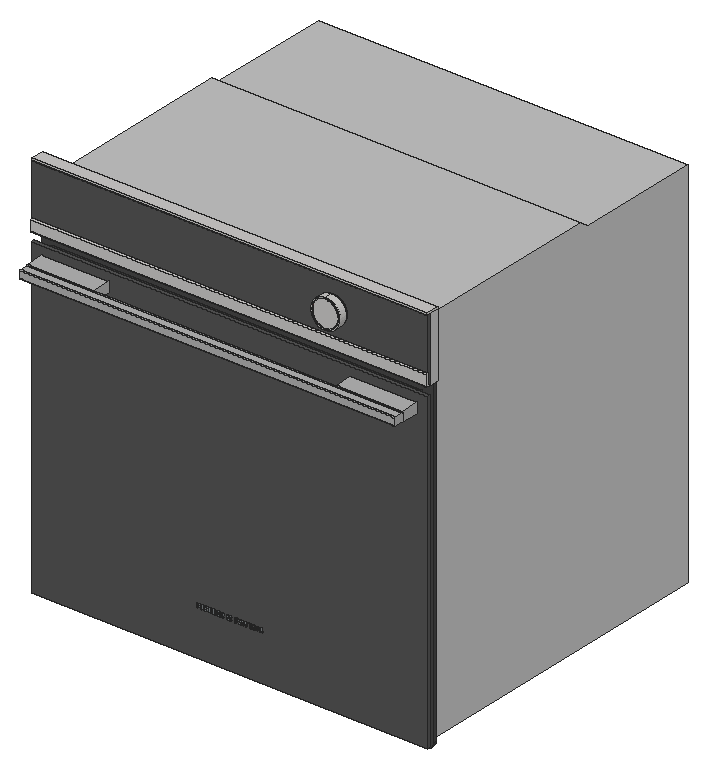
Revit family "FP-Revit18-OB24SD16PLX1-Oven-0-CA-US-90002658A", category Specialty Equipment, Revit 2018
Family settings
  Round Connector Dimension = Use Diameter
  Part Type = Normal
  OmniClass Number = 23.40.40.14.17.11
  OmniClass Title = Cookers, Ovens, Stoves
  Work Plane-Based = No
  Always vertical = Yes
  Cut with Voids When Loaded = Yes
  Shared = No
  Room Calculation Point = No
Parameters (values of type "OB24SD16PLX1")
  Visibility - Clearance Required = yes
  URL = "www.fisherpaykel.com"
  Product - Width = 596 mm  # constant formula
  Product - Height = 598 mm  # constant formula
  Product - Depth = 565 mm  # constant formula
  Model = "OB24SD16PLX1"
  Material - Trim = Fisher & Paykel - Stainless Steel
  Material - Structure = Fisher & Paykel - Black
  Material - Logo = Fisher & Paykel - Graphics Grey
  Material - Handle = Fisher & Paykel - Aluminium
  Material - Glass = Fisher & Paykel - Glass, Black
  Material - Buttons and Dials = Fisher & Paykel - Stainless Steel
  Material - Body = Fisher & Paykel - Grey
  Material - Bezel = Fisher & Paykel - Bezel Red
  Manufacturer = "Fisher & Paykel Appliances"
  FFL Offset [instance] = 200 mm
  Description = "24\" Built-In Oven"
  Connector Note - Electrical = "208-240 V, 16.6-19.4 A, 60 Hz"
  Chassis - Width = 556 mm  # constant formula
  Chassis - Height = 575 mm  # constant formula
  Chassis - Depth = 545 mm  # constant formula
  Cavity - Width = 560 mm  # constant formula
  Cavity - Height = 580 mm  # constant formula
  Cavity - Depth = 550 mm  # constant formula
Reference planes
  plane 1 "Datum": y = 0
  plane 2: z = 0
  plane 3 "Center (Left/Right)": x = 0
  plane 4 "Cavity": z = 780
  plane 5 "Product Height": z = 798
  plane 6 "Product LHS": x = -298
  plane 7 "Product RHS": x = 298
  plane 8 "Cavity LHS": x = -300
  plane 9 "Cavity RHS": x = 300
  plane 10 "Cavity - Depth": y = 550
  plane 11 "Product Depth": y = 545
  plane 12 "Front Face": y = -20
  plane 13 "FFL Offset": z = 200
  plane 14 "Cavity Height": z = 800
Forms (mm)
  Extrusion 1, solid, material "Fisher & Paykel - Grey" <- "Material - Body"
    sketch origin (0, 0, 0) x (0, 1, 0) y (0, 0, 1)
      loop
        line (0, 200) -> (525, 200) -> (525, 393.99) -> (545, 413.99) -> (545, 609.73) -> (495, 659.73) -> (495, 764.6) -> (307.721, 764.6) -> (293.958, 775) -> (0, 775) -> (0, 200)
    from -278 to 278
  Extrusion 2, void
    sketch origin (0, 0, 0) x (1, 0, 0) y (0, 1, 0)
      loop
        line (-278, 495) -> (-229.13, 495) -> (-179.13, 545) -> (-278, 545) -> (-278, 495)
      loop
        line (278, 495) -> (278, 545) -> (94.617, 545) -> (114.617, 525) -> (199.13, 525) -> (229.13, 495) -> (278, 495)
    from 200 to 764.6
  Extrusion 3, solid, material "Fisher & Paykel - Stainless Steel" <- "Material - Trim"
    sketch origin (0, 0, 0) x (0, 1, 0) y (0, 0, 1)
      loop
        line (0, 798) -> (-20.5, 798) -> (-20.5, 795.1) -> (0, 795.1) -> (0, 798)
    from -297.7 to 297.7
  Extrusion 4, solid, material "Fisher & Paykel - Grey" <- "Material - Body"
    sketch origin (0, 0, 0) x (0, 1, 0) y (0, 0, 1)
      loop
        line (-16, 795.1) -> (-16, 698) -> (0, 698) -> (0, 795.1) -> (-16, 795.1)
    from -297.7 to 297.7
  Extrusion 5, solid, material "Fisher & Paykel - Glass, Black" <- "Material - Glass"
    sketch origin (0, 0, 0) x (1, 0, 0) y (0, 0, 1)
      loop
        line (-298, 685.199) -> (-298, 210.2) -> (298, 210.2) -> (298, 685.199) -> (-298, 685.199)
      loop
        line (-298, 699.5) -> (298, 699.5) -> (298, 794.5) -> (-298, 794.5) -> (-298, 699.5)
    from 16 to 20
  Extrusion 6, solid, material "Fisher & Paykel - Black" <- "Material - Structure"
    sketch origin (0, 0, 0) x (0, 1, 0) y (0, 0, 1)
      loop
        line (-13.8, 683.7) -> (-16, 683.7) -> (-16, 224.7) -> (-5, 224.7) -> (-5, 680.497) -> (-13.8, 683.7)
    from -277 to 277
  Extrusion 7, solid, material "Fisher & Paykel - Black" <- "Material - Structure"
    sketch origin (0, 0, 0) x (1, 0, 0) y (0, 0, 1)
      loop
        line (-295, 698) -> (-295, 209.536)
        arc (-295, 209.536) -> (-292.207, 202.793) -> (-285.464, 200) r 9.536
        line (-285.464, 200) -> (285.5, 200)
        arc (285.5, 200) -> (292.218, 202.782) -> (295, 209.5) r 9.5
        line (295, 209.5) -> (295, 698) -> (-295, 698)
    from 0 to 5
  Extrusion 8, solid, material "Fisher & Paykel - Clearance Required", visible <- "Visibility - Clearance Required", detail levels coarse
    sketch origin (0, 0, 0) x (0, 1, 0) y (0, 0, 1)
      loop
        line (0, 800) -> (-20, 800) -> (-20, 685.452)
        arc (-20, 685.452) -> (-338.426, 558.091) -> (-479.879, 245.669) r 459.33
        line (-479.879, 245.669) -> (-453.852, 243.749) -> (-456.942, 201.858) -> (-440.966, 200.68) -> (-437.876, 242.565) -> (-20, 211.735) -> (-20, 200) -> (0, 200) -> (0, 800)
    from -300 to 300
  Extrusion 9, solid, material "Fisher & Paykel - Clearance Required", visible <- "Visibility - Clearance Required", detail levels coarse
    sketch origin (0, 0, 0) x (1, 0, 0) y (0, 1, 0)
      loop
        line (-280, 0) -> (280, 0) -> (280, 550) -> (-280, 550) -> (-280, 0)
    from 200 to 780
  Extrusion 10, void
    sketch origin (0, 0, 0) x (1, 0, 0) y (0, 1, 0)
      loop
        line (-300, -20) -> (300, -20) -> (300, 0) -> (-300, 0) -> (-300, -20)
    from 200 to 800
  Extrusion 11, solid, material "Fisher & Paykel - Stainless Steel" <- "Material - Trim", detail levels fine
    sketch origin (0, 0, 0) x (0, 1, 0) y (0, 0, 1)
      loop
        line (-21.7, 715.595) -> (-21.7, 699.2)
        arc (-21.7, 699.2) -> (-21.349, 698.351) -> (-20.5, 698) r 1.2
        line (-20.5, 698) -> (-17.526, 698) -> (-17.526, 699.5) -> (-20, 699.5) -> (-20, 717.643) -> (-20.789, 717.643) -> (-21.7, 715.595)
    from -298 to 298
  Extrusion 12, void
    sketch origin (0, 0, 0) x (1, 0, 0) y (0, 1, 0)
      loop
        line (-280, 550) -> (-280, 0) -> (280, 0) -> (280, 550) -> (-280, 550)
    from 200 to 780
  Extrusion 13, solid, material "Fisher & Paykel - Aluminium" <- "Material - Handle", detail levels fine
    sketch origin (0, -21, 664.221) x (0, 1, 0) y (0, 0, 1)
      loop
        arc (-26.813, 6.16) -> (-27.196, 6.554) -> (-27.728, 6.686) r 1
        line (-27.728, 6.686) -> (-40.035, 6.256)
        arc (-40.035, 6.256) -> (-40.719, 5.951) -> (-41, 5.257) r 1
        line (-41, 5.257) -> (-41, -5.257)
        arc (-41, -5.257) -> (-40.719, -5.951) -> (-40.035, -6.256) r 1
        line (-40.035, -6.256) -> (-27.709, -6.686)
        arc (-27.709, -6.686) -> (-27.175, -6.554) -> (-26.792, -6.158) r 1
        arc (-26.792, -6.158) -> (-25.256, 0.004) -> (-26.813, 6.16) r 13.038
    from -282.5 to 282.5
  Extrusion 14, solid, material "Fisher & Paykel - Aluminium" <- "Material - Handle", detail levels fine
    sketch origin (0, -21, 664.221) x (0, 1, 0) y (0, 0, 1)
      loop
        arc (-26.626, -6.008) -> (-26.614, -6.49) -> (-26.2, -6.737) r 0.5
        line (-26.2, -6.737) -> (1, -7.732) -> (1, 7.741) -> (-26.174, 6.747)
        arc (-26.174, 6.747) -> (-26.587, 6.5) -> (-26.6, 6.019) r 0.5
        arc (-26.6, 6.019) -> (-25.156, 0.002) -> (-26.626, -6.008) r 13.136
    from 182.5 to 282.5
  Extrusion 15, solid, material "Fisher & Paykel - Aluminium" <- "Material - Handle", detail levels coarse+medium
    sketch origin (0, -21, 664.221) x (1, 0, 0) y (0, 1, 0)
      loop
        line (-282.5, -41) -> (282.5, -41) -> (282.5, 1) -> (182.5, 1) -> (182.5, -26.156) -> (-182.5, -26.156) -> (-182.5, 1) -> (-282.5, 1) -> (-282.5, -41)
    from -8.022 to 7.978
  Extrusion 16, solid, material "Fisher & Paykel - Aluminium" <- "Material - Handle", detail levels fine
    sketch origin (0, -21, 664.221) x (0, 1, 0) y (0, 0, 1)
      loop
        arc (-26.626, -6.008) -> (-26.614, -6.49) -> (-26.2, -6.737) r 0.5
        line (-26.2, -6.737) -> (1, -7.732) -> (1, 7.741) -> (-26.174, 6.747)
        arc (-26.174, 6.747) -> (-26.587, 6.5) -> (-26.6, 6.019) r 0.5
        arc (-26.6, 6.019) -> (-25.156, 0.002) -> (-26.626, -6.008) r 13.136
    from -282.5 to -182.5
  Extrusion 17, solid, material "Fisher & Paykel - Aluminium" <- "Material - Handle", not visible, detail levels fine
    sketch origin (0, -22, 652) x (0, 1, 0) y (0, 0, 1)
      loop
        arc (-26.813, 6.16) -> (-27.196, 6.554) -> (-27.728, 6.686) r 1
        line (-27.728, 6.686) -> (-40.035, 6.256)
        arc (-40.035, 6.256) -> (-40.719, 5.951) -> (-41, 5.257) r 1
        line (-41, 5.257) -> (-41, -5.257)
        arc (-41, -5.257) -> (-40.719, -5.951) -> (-40.035, -6.256) r 1
        line (-40.035, -6.256) -> (-27.709, -6.686)
        arc (-27.709, -6.686) -> (-27.175, -6.554) -> (-26.792, -6.158) r 1
        arc (-26.792, -6.158) -> (-25.256, 0.004) -> (-26.813, 6.16) r 13.038
    from -282.5 to 282.5
  Extrusion 18, solid, material "Fisher & Paykel - Aluminium" <- "Material - Handle", not visible, detail levels fine
    sketch origin (0, -22, 652) x (0, 1, 0) y (0, 0, 1)
      loop
        arc (-26.626, -6.008) -> (-26.614, -6.49) -> (-26.2, -6.737) r 0.5
        line (-26.2, -6.737) -> (1, -7.732) -> (1, 7.741) -> (-26.174, 6.747)
        arc (-26.174, 6.747) -> (-26.587, 6.5) -> (-26.6, 6.019) r 0.5
        arc (-26.6, 6.019) -> (-25.156, 0.002) -> (-26.626, -6.008) r 13.136
    from 182.5 to 282.5
  Extrusion 19, solid, material "Fisher & Paykel - Aluminium" <- "Material - Handle", not visible, detail levels coarse+medium
    sketch origin (0, -22, 652) x (1, 0, 0) y (0, 1, 0)
      loop
        line (-282.5, -41) -> (282.5, -41) -> (282.5, 1) -> (182.5, 1) -> (182.5, -26.156) -> (-182.5, -26.156) -> (-182.5, 1) -> (-282.5, 1) -> (-282.5, -41)
    from -8.022 to 7.978
  Extrusion 20, solid, material "Fisher & Paykel - Aluminium" <- "Material - Handle", not visible, detail levels fine
    sketch origin (0, -22, 652) x (0, 1, 0) y (0, 0, 1)
      loop
        arc (-26.626, -6.008) -> (-26.614, -6.49) -> (-26.2, -6.737) r 0.5
        line (-26.2, -6.737) -> (1, -7.732) -> (1, 7.741) -> (-26.174, 6.747)
        arc (-26.174, 6.747) -> (-26.587, 6.5) -> (-26.6, 6.019) r 0.5
        arc (-26.6, 6.019) -> (-25.156, 0.002) -> (-26.626, -6.008) r 13.136
    from -282.5 to -182.5
  Extrusion 21, solid, material "Fisher & Paykel - Graphics Grey" <- "Material - Logo", detail levels fine
    sketch origin (0, -20, 278.956) x (1, 0, 0) y (0, 0, 1)
      loop
        line (-49.544, 0) -> (-47.97, 0) -> (-47.97, 2.138) -> (-45.511, 2.138) -> (-45.511, 3.472) -> (-47.97, 3.472) -> (-47.97, 4.712) -> (-45.295, 4.712) -> (-45.295, 6.04) -> (-49.544, 6.04) -> (-49.544, 0)
      loop
        line (-42.304, 6.04) -> (-42.304, 0) -> (-40.73, 0) -> (-40.73, 6.04) -> (-42.304, 6.04)
      loop
        line (-30.224, 6.04) -> (-30.224, 0) -> (-28.651, 0) -> (-28.651, 2.42) -> (-26.339, 2.42) -> (-26.339, 0) -> (-24.765, 0) -> (-24.765, 6.04) -> (-26.339, 6.04) -> (-26.339, 3.748) -> (-28.651, 3.748) -> (-28.651, 6.04) -> (-30.224, 6.04)
      loop
        line (-21.406, 6.04) -> (-21.406, 0) -> (-17.102, 0) -> (-17.102, 1.328) -> (-19.847, 1.328) -> (-19.847, 2.42) -> (-17.338, 2.42) -> (-17.338, 3.748) -> (-19.847, 3.748) -> (-19.847, 4.712) -> (-17.102, 4.712) -> (-17.102, 6.04) -> (-21.406, 6.04)
      loop
        line (46.167, 6.04) -> (46.167, 0) -> (50.456, 0) -> (50.456, 1.328) -> (47.741, 1.328) -> (47.741, 6.04) -> (46.167, 6.04)
      loop
        line (42.931, 6.04) -> (38.612, 6.04) -> (38.612, 0) -> (42.931, 0) -> (42.931, 1.328) -> (40.187, 1.328) -> (40.187, 2.42) -> (42.695, 2.42) -> (42.695, 3.748) -> (40.187, 3.748) -> (40.187, 4.712) -> (42.931, 4.712) -> (42.931, 6.04)
      loop
        line (33.951, 3.148) -> (36.183, 6.04) -> (34.344, 6.04) -> (32.415, 3.542) -> (32.415, 6.04) -> (30.842, 6.04) -> (30.842, 0) -> (32.415, 0) -> (32.415, 2.705) -> (34.403, 0) -> (36.263, 0) -> (33.951, 3.148)
      loop
        line (22.48, 6.04) -> (24.762, 2.42) -> (24.762, 0) -> (26.337, 0) -> (26.337, 2.341) -> (28.619, 6.04) -> (26.946, 6.04) -> (25.599, 3.707) -> (24.253, 6.04) -> (22.48, 6.04)
      loop
        line (18.979, 6.04) -> (17.483, 6.04) -> (15.024, 0) -> (16.569, 0) -> (17.001, 1.112) -> (19.421, 1.112) -> (19.854, 0) -> (21.438, 0) -> (18.979, 6.04)
      loop
        line (18.9, 2.439) -> (18.193, 4.174) -> (17.518, 2.439) -> (18.9, 2.439)
      loop
        line (8.531, 6.04) -> (8.531, 0) -> (10.105, 0) -> (10.105, 1.938) -> (11.099, 1.938)
        arc (11.099, 1.938) -> (13.15, 3.989) -> (11.099, 6.04) r 2.051
        line (11.099, 6.04) -> (8.531, 6.04)
      loop
        line (10.105, 4.712) -> (10.105, 3.197) -> (11.001, 3.197)
        arc (11.001, 3.197) -> (11.759, 3.954) -> (11.001, 4.712) r 0.757
        line (11.001, 4.712) -> (10.105, 4.712)
      loop
        line (-11.283, 6.04) -> (-13.866, 6.04) -> (-13.866, 0) -> (-12.292, 0) -> (-12.292, 1.336) -> (-11.492, 1.336) -> (-10.472, 0) -> (-8.653, 0) -> (-10.194, 1.973)
        arc (-10.194, 1.973) -> (-9.178, 4.424) -> (-11.283, 6.04) r 2.179
      loop
        line (-11.397, 4.712) -> (-12.292, 4.712) -> (-12.292, 3.053) -> (-11.397, 3.053)
        arc (-11.397, 3.053) -> (-10.568, 3.882) -> (-11.397, 4.712) r 0.83
      loop
        line (0.977, 4.712) -> (0.977, 6.153) -> (-3.075, 6.153) -> (-3.075, 4.851) -> (-2.474, 4.112)
        arc (-2.474, 4.112) -> (-3.01, 0.684) -> (0.455, 0.512) r 2.334
        line (0.455, 0.512) -> (0.96, -0.109) -> (2.746, -0.109) -> (1.36, 1.594) -> (2.561, 3.324) -> (0.943, 3.324) -> (0.487, 2.667) -> (-1.177, 4.712) -> (0.977, 4.712)
      loop
        arc (-1.625, 3.068) -> (-1.769, 1.668) -> (-0.368, 1.524) r 0.996
        line (-0.368, 1.524) -> (-1.625, 3.068)
      loop
        line (-34.68, 3.634) -> (-36.016, 3.91)
        arc (-36.016, 3.91) -> (-36.549, 4.443) -> (-36.016, 4.976) r 0.533
        arc (-36.016, 4.976) -> (-34.735, 4.79) -> (-33.559, 4.248) r 4.505
        line (-33.559, 4.248) -> (-33.559, 5.743)
        arc (-33.559, 5.743) -> (-35.049, 6.179) -> (-36.6, 6.109) r 4.726
        arc (-36.6, 6.109) -> (-38.036, 4.335) -> (-36.6, 2.561) r 1.814
        line (-36.6, 2.561) -> (-35.254, 2.282)
        arc (-35.254, 2.282) -> (-34.721, 1.749) -> (-35.254, 1.216) r 0.533
        arc (-35.254, 1.216) -> (-36.535, 1.402) -> (-37.711, 1.945) r 4.505
        line (-37.711, 1.945) -> (-37.711, 0.449)
        arc (-37.711, 0.449) -> (-36.22, 0.013) -> (-34.669, 0.083) r 4.726
        arc (-34.669, 0.083) -> (-33.234, 1.863) -> (-34.68, 3.634) r 1.814
    from 0 to 0.8
  Revolve 22, solid, material "Fisher & Paykel - Stainless Steel" <- "Material - Buttons and Dials", detail levels fine
    sketch origin (154.861, -20, 752.537) x (0, 1, 0) y (0, 0, 1)
      loop
        line (0, 22) -> (-0.843, 22) -> (-0.843, 16.038) -> (-2.39, 16.038) -> (-2.39, 22) -> (-13.7, 22) -> (-13.7, 21.2) -> (-13.191, 20) -> (-8.9, 20) -> (-8.9, 0) -> (0, 0) -> (0, 22)
      axis (0, 0) -> (-13.7, 0)
    angle from 0 to 360
  Extrusion 23, solid, material "Fisher & Paykel - Stainless Steel" <- "Material - Buttons and Dials", detail levels fine
    sketch origin (154.861, -20, 752.537) x (1, 0, 0) y (0, 0, 1)
      loop
        circle (0, 0) r 19.45
    from 8.9 to 13.191
  Extrusion 24, solid, material "Fisher & Paykel - Stainless Steel" <- "Material - Buttons and Dials", detail levels coarse+medium
    sketch origin (154.861, -20, 752.537) x (1, 0, 0) y (0, 0, 1)
      loop
        circle (0, 0) r 22
    from 0 to 13.7
  Extrusion 25, solid, material "Fisher & Paykel - Bezel Red" <- "Material - Bezel", detail levels fine
    sketch origin (154.861, -20, 752.537) x (1, 0, 0) y (0, 0, 1)
      loop
        circle (0, 0) r 19.45
      loop
        circle (0, 0) r 20
    from 2.39 to 13.191
  Sweep 26, solid, material "Fisher & Paykel - Grey" <- "Material - Body"
    path origin (-195.035, 0, 0) x (0, 1, 0) y (0, 0, 1)
      loop
        line (478.272, 708.8) -> (498.6, 708.8)
        arc (498.6, 708.8) -> (507.085, 705.285) -> (510.6, 696.8) r 12
        line (510.6, 696.8) -> (510.6, 678.8)
    profile origin (-195.035, 488.436, 708.8) x (0, 0, 1) y (1, 0, 0)
      loop
        circle (0, 0) r 11
Cuts and joins
  Extrusion 2 cuts Extrusion 1
Lines and regions (mm)
  model lines, style "Fisher & Paykel"
    curve 1: line (217, -20, 334) -> (-217, -20, 334)
    curve 2: line (217, -20, 617.236) -> (217, -20, 334)
    curve 3: line (-217, -20, 617.236) -> (217, -20, 617.236)
    curve 4: line (-217, -20, 334) -> (-217, -20, 617.236)
Text (mm)
  text "Due to ongoing product development, product details are subject to change without notice. \nPlease always refer to www.fisherpaykel.com for the most current product information. \n© Fisher & Paykel 2020" at (40.64, -604.808, 0), in view "Ref. Level (Plan)"
Dimensions and locks
  equal spacing: plane 6 "Product LHS", plane 3 "Center (Left/Right)", plane 7 "Product RHS"
  "Product - Width": plane 6 "Product LHS" to plane 7 "Product RHS"
  equal spacing: plane 8 "Cavity LHS", plane 3 "Center (Left/Right)", plane 9 "Cavity RHS"
  "Cavity - Depth": plane 10 "Cavity - Depth" to plane 1 "Datum"
  "Chassis - Depth": plane 11 "Product Depth" to plane 1 "Datum"
  plane 12 "Front Face" to plane 1 "Datum" = 20 mm
  "Product - Depth": plane 11 "Product Depth" to plane 12 "Front Face"
  "FFL Offset": plane 13 "FFL Offset" to level
  "Product - Height": plane 5 "Product Height" to plane 13 "FFL Offset"
  "Cavity - Height": plane 4 "Cavity" to plane 13 "FFL Offset"
  Extrusion 5 to plane 13 "FFL Offset" = 10.2 mm
  Extrusion 6 to plane 13 "FFL Offset" = 24.7 mm
  locked: plane 5 "Product Height" to cut or joined group of Extrusion 1, Extrusion 2 at 33.4
  locked: plane 14 "Cavity Height" to plane 13 "FFL Offset" at 600
  locked: Extrusion 21 to plane 13 "FFL Offset" at 78.847
  equal spacing: Extrusion 9, plane 3 "Center (Left/Right)", Extrusion 9
  "Cavity - Width": Extrusion 9 to Extrusion 9
  locked: Extrusion 15 to plane 13 "FFL Offset" at 472.199
  locked: Extrusion 8 sketch curve to plane 13 "FFL Offset" at 11.735
  equal spacing: cut or joined group of Extrusion 1, Extrusion 2, plane 3 "Center (Left/Right)", cut or joined group of Extrusion 1, Extrusion 2
  "Chassis - Width": cut or joined group of Extrusion 1, Extrusion 2 to cut or joined group of Extrusion 1, Extrusion 2
  aligned and locked: level to plane 2
  aligned and locked: plane 8 "Cavity LHS" to Extrusion 8
  aligned and locked: Extrusion 8 to plane 9 "Cavity RHS"
  aligned and locked: Extrusion 1 sketch curve to plane 13 "FFL Offset"
  aligned and locked: Extrusion 1 to Extrusion 2
  aligned and locked: Extrusion 2 to Extrusion 1
  aligned and locked: plane 13 "FFL Offset" to Extrusion 8 sketch curve
  aligned and locked: plane 13 "FFL Offset" to Extrusion 7 sketch curve
  aligned and locked: Extrusion 12 to cut or joined group of Extrusion 1, Extrusion 2
  aligned and locked: plane 4 "Cavity" to Extrusion 12
  aligned and locked: plane 4 "Cavity" to Extrusion 9
  aligned and locked: Extrusion 9 to cut or joined group of Extrusion 1, Extrusion 2
  aligned and locked: Extrusion 10 to cut or joined group of Extrusion 1, Extrusion 2
  aligned and locked: Extrusion 10 to Extrusion 7
  aligned and locked: Extrusion 10 to Extrusion 8
  aligned and locked: plane 14 "Cavity Height" to Extrusion 10
  aligned and locked: Extrusion 12 to Extrusion 9  (x2)
Automatic sketch dimensions
  Extrusion 13 sketch curve to Extrusion 13 sketch curve = 0.965 mm  (x2)
  Extrusion 13 sketch curve to Extrusion 13 sketch curve = 0.035 mm  (x4)
  Extrusion 13 sketch curve to Extrusion 13 sketch curve = 1.706 mm
  Extrusion 13 sketch curve to Extrusion 13 sketch curve = 12.307 mm
  Extrusion 13 sketch curve to Extrusion 13 sketch curve = 12.326 mm
  Extrusion 13 sketch curve to Extrusion 13 sketch curve = 0.999 mm  (x2)
  Extrusion 13 sketch curve to Extrusion 13 sketch curve = 5.238 mm
  Extrusion 13 sketch curve to Extrusion 13 sketch curve = 0 mm
  Extrusion 14 sketch curve to Extrusion 14 sketch curve = 12.091 mm
  Extrusion 14 sketch curve to Extrusion 14 sketch curve = 0.018 mm  (x2)
  Extrusion 14 sketch curve to Extrusion 14 sketch curve = 0.008 mm
  Extrusion 14 sketch curve to Extrusion 14 sketch curve = 27.174 mm
  Extrusion 14 sketch curve to Extrusion 14 sketch curve = 15.473 mm
  Extrusion 14 sketch curve to Extrusion 14 sketch curve = 0.5 mm  (x2)
  Extrusion 14 sketch curve to Extrusion 14 sketch curve = 0 mm
  Extrusion 15 sketch curve to Extrusion 15 sketch curve = 14.844 mm
  Extrusion 15 sketch curve to Extrusion 15 sketch curve = 27.156 mm  (x2)
  Extrusion 16 sketch curve to Extrusion 16 sketch curve = 12.091 mm
  Extrusion 16 sketch curve to Extrusion 16 sketch curve = 0.018 mm  (x2)
  Extrusion 16 sketch curve to Extrusion 16 sketch curve = 0.008 mm
  Extrusion 16 sketch curve to Extrusion 16 sketch curve = 27.174 mm
  Extrusion 16 sketch curve to Extrusion 16 sketch curve = 15.473 mm
  Extrusion 16 sketch curve to Extrusion 16 sketch curve = 0.5 mm  (x2)
  Extrusion 16 sketch curve to Extrusion 16 sketch curve = 0 mm
  Extrusion 13 sketch curve to Extrusion 13 sketch curve = 0.43 mm
  Extrusion 13 sketch curve to Extrusion 13 sketch curve = 5.275 mm
  Extrusion 13 sketch curve to Extrusion 13 sketch curve = 11.374 mm
  Extrusion 14 sketch curve to Extrusion 14 sketch curve = 0.995 mm
  Extrusion 14 sketch curve to Extrusion 14 sketch curve = 6.268 mm
  Extrusion 14 sketch curve to Extrusion 14 sketch curve = 12.255 mm
  Extrusion 15 sketch curve to Extrusion 15 sketch curve = 100 mm  (x2)
  Extrusion 15 sketch curve to Extrusion 15 sketch curve = 365 mm
  Extrusion 16 sketch curve to Extrusion 16 sketch curve = 0.995 mm
  Extrusion 16 sketch curve to Extrusion 16 sketch curve = 6.268 mm
  Extrusion 16 sketch curve to Extrusion 16 sketch curve = 12.255 mm
  Extrusion 17 sketch curve to Extrusion 17 sketch curve = 0.965 mm  (x2)
  Extrusion 17 sketch curve to Extrusion 17 sketch curve = 0.035 mm  (x4)
  Extrusion 17 sketch curve to Extrusion 17 sketch curve = 1.706 mm
  Extrusion 17 sketch curve to Extrusion 17 sketch curve = 12.307 mm
  Extrusion 17 sketch curve to Extrusion 17 sketch curve = 12.326 mm
  Extrusion 17 sketch curve to Extrusion 17 sketch curve = 0.999 mm  (x2)
  Extrusion 17 sketch curve to Extrusion 17 sketch curve = 5.238 mm
  Extrusion 17 sketch curve to Extrusion 17 sketch curve = 0 mm
  Extrusion 18 sketch curve to Extrusion 18 sketch curve = 12.091 mm
  Extrusion 18 sketch curve to Extrusion 18 sketch curve = 0.018 mm  (x2)
  Extrusion 18 sketch curve to Extrusion 18 sketch curve = 0.008 mm
  Extrusion 18 sketch curve to Extrusion 18 sketch curve = 27.174 mm
  Extrusion 18 sketch curve to Extrusion 18 sketch curve = 15.473 mm
  Extrusion 18 sketch curve to Extrusion 18 sketch curve = 0.5 mm  (x2)
  Extrusion 18 sketch curve to Extrusion 18 sketch curve = 0 mm
  Extrusion 19 sketch curve to Extrusion 19 sketch curve = 14.844 mm
  Extrusion 19 sketch curve to Extrusion 19 sketch curve = 27.156 mm  (x2)
  Extrusion 20 sketch curve to Extrusion 20 sketch curve = 12.091 mm
  Extrusion 20 sketch curve to Extrusion 20 sketch curve = 0.018 mm  (x2)
  Extrusion 20 sketch curve to Extrusion 20 sketch curve = 0.008 mm
  Extrusion 20 sketch curve to Extrusion 20 sketch curve = 27.174 mm
  Extrusion 20 sketch curve to Extrusion 20 sketch curve = 15.473 mm
  Extrusion 20 sketch curve to Extrusion 20 sketch curve = 0.5 mm  (x2)
  Extrusion 20 sketch curve to Extrusion 20 sketch curve = 0 mm
  Extrusion 17 sketch curve to Extrusion 17 sketch curve = 0.43 mm
  Extrusion 17 sketch curve to Extrusion 17 sketch curve = 5.275 mm
  Extrusion 17 sketch curve to Extrusion 17 sketch curve = 11.374 mm
  Extrusion 18 sketch curve to Extrusion 18 sketch curve = 0.995 mm
  Extrusion 18 sketch curve to Extrusion 18 sketch curve = 6.268 mm
  Extrusion 18 sketch curve to Extrusion 18 sketch curve = 12.255 mm
  Extrusion 19 sketch curve to Extrusion 19 sketch curve = 100 mm  (x2)
  Extrusion 19 sketch curve to Extrusion 19 sketch curve = 365 mm
  Extrusion 20 sketch curve to Extrusion 20 sketch curve = 0.995 mm
  Extrusion 20 sketch curve to Extrusion 20 sketch curve = 6.268 mm
  Extrusion 20 sketch curve to Extrusion 20 sketch curve = 12.255 mm
  Extrusion 1 sketch curve to plane 1 "Datum" = 0 mm
  Extrusion 1 sketch curve to plane 11 "Product Depth" = 0 mm
  Extrusion 1 sketch curve to plane 4 "Cavity" = 5 mm
  Extrusion 1 sketch curve to plane 11 "Product Depth" = 251.042 mm
  Extrusion 1 sketch curve to Extrusion 1 sketch curve = 13.762 mm
  Extrusion 1 sketch curve to plane 4 "Cavity" = 15.4 mm
  Extrusion 1 sketch curve to plane 11 "Product Depth" = 50 mm
  Extrusion 1 sketch curve to plane 11 "Product Depth" = 20 mm
  Extrusion 1 sketch curve to Extrusion 1 sketch curve = 193.99 mm
  Extrusion 1 sketch curve to Extrusion 1 sketch curve = 20 mm
  Extrusion 1 sketch curve to Extrusion 1 sketch curve = 154.87 mm
  Extrusion 1 sketch curve to Extrusion 1 sketch curve = 50 mm
  Extrusion 2 sketch curve to plane 11 "Product Depth" = 0 mm  (x2)
  Extrusion 2 sketch curve to plane 6 "Product LHS" = 20 mm
  Extrusion 2 sketch curve to Extrusion 2 sketch curve = 48.87 mm
  Extrusion 2 sketch curve to Extrusion 2 sketch curve = 50 mm  (x3)
  plane 3 "Center (Left/Right)" to Extrusion 2 sketch curve = 94.617 mm
  Extrusion 2 sketch curve to Extrusion 2 sketch curve = 20 mm
  Extrusion 2 sketch curve to plane 11 "Product Depth" = 20 mm
  Extrusion 2 sketch curve to Extrusion 2 sketch curve = 84.513 mm
  Extrusion 2 sketch curve to Extrusion 2 sketch curve = 30 mm
  plane 7 "Product RHS" to Extrusion 2 sketch curve = 20 mm
  Extrusion 3 sketch curve to plane 1 "Datum" = 0 mm
  Extrusion 3 sketch curve to plane 12 "Front Face" = 0.5 mm
  Extrusion 3 sketch curve to plane 5 "Product Height" = 2.9 mm
  plane 5 "Product Height" to Extrusion 3 sketch curve = 0 mm
  Extrusion 4 sketch curve to plane 1 "Datum" = 0 mm
  plane 12 "Front Face" to Extrusion 4 sketch curve = 4 mm
  Extrusion 4 sketch curve to plane 4 "Cavity" = 82 mm
  Extrusion 4 sketch curve to plane 5 "Product Height" = 2.9 mm
  plane 6 "Product LHS" to Extrusion 5 sketch curve = 0 mm  (x2)
  plane 7 "Product RHS" to Extrusion 5 sketch curve = 0 mm  (x2)
  plane 13 "FFL Offset" to Extrusion 5 sketch curve = 10.2 mm
  Extrusion 5 sketch curve to plane 4 "Cavity" = 94.801 mm
  Extrusion 5 sketch curve to Extrusion 5 sketch curve = 14.301 mm
  Extrusion 5 sketch curve to plane 5 "Product Height" = 3.5 mm
  plane 12 "Front Face" to Extrusion 6 sketch curve = 4 mm
  Extrusion 6 sketch curve to Extrusion 6 sketch curve = 2.2 mm
  plane 1 "Datum" to Extrusion 6 sketch curve = 5 mm
  plane 13 "FFL Offset" to Extrusion 6 sketch curve = 24.7 mm
  Extrusion 6 sketch curve to plane 4 "Cavity" = 99.503 mm
  Extrusion 6 sketch curve to Extrusion 6 sketch curve = 3.203 mm
  Extrusion 7 sketch curve to plane 6 "Product LHS" = 3 mm
  Extrusion 7 sketch curve to Extrusion 7 sketch curve = 9.536 mm
  plane 7 "Product RHS" to Extrusion 7 sketch curve = 12.5 mm
  plane 7 "Product RHS" to Extrusion 7 sketch curve = 3 mm
  Extrusion 7 sketch curve to plane 4 "Cavity" = 82 mm
  Extrusion 9 sketch curve to plane 10 "Cavity - Depth" = 0 mm
  plane 1 "Datum" to Extrusion 9 sketch curve = 0 mm
  Extrusion 9 sketch curve to plane 6 "Product LHS" = 18 mm
  plane 7 "Product RHS" to Extrusion 9 sketch curve = 18 mm
  plane 1 "Datum" to Extrusion 10 sketch curve = 0 mm
  Extrusion 10 sketch curve to plane 8 "Cavity LHS" = 0 mm
  Extrusion 10 sketch curve to plane 9 "Cavity RHS" = 0 mm
  Extrusion 10 sketch curve to plane 12 "Front Face" = 0 mm
  Extrusion 11 sketch curve to plane 12 "Front Face" = 0 mm
  Extrusion 11 sketch curve to plane 12 "Front Face" = 0.5 mm
  Extrusion 11 sketch curve to Extrusion 11 sketch curve = 0.789 mm
  Extrusion 11 sketch curve to plane 12 "Front Face" = 1.7 mm
  plane 12 "Front Face" to Extrusion 11 sketch curve = 2.474 mm
  Extrusion 11 sketch curve to plane 4 "Cavity" = 82 mm
  Extrusion 11 sketch curve to Extrusion 11 sketch curve = 1.5 mm
  Extrusion 11 sketch curve to Extrusion 11 sketch curve = 16.095 mm
  Extrusion 11 sketch curve to Extrusion 11 sketch curve = 2.048 mm
  plane 1 "Datum" to Extrusion 12 sketch curve = 0 mm
  Extrusion 12 sketch curve to plane 10 "Cavity - Depth" = 0 mm
  Extrusion 12 sketch curve to plane 6 "Product LHS" = 18 mm
  plane 7 "Product RHS" to Extrusion 12 sketch curve = 18 mm
  Extrusion 21 sketch curve to plane 3 "Center (Left/Right)" = 49.544 mm
  Extrusion 21 sketch curve to Extrusion 21 sketch curve = 1.574 mm  (x12)
  Extrusion 21 sketch curve to Extrusion 21 sketch curve = 2.459 mm
  Extrusion 21 sketch curve to Extrusion 21 sketch curve = 0.216 mm
  Extrusion 21 sketch curve to Extrusion 21 sketch curve = 3.207 mm
  Extrusion 21 sketch curve to Extrusion 21 sketch curve = 3.02 mm
  Extrusion 21 sketch curve to Extrusion 21 sketch curve = 1.11 mm
  Extrusion 21 sketch curve to Extrusion 21 sketch curve = 0.379 mm
  Extrusion 21 sketch curve to Extrusion 21 sketch curve = 0.206 mm  (x2)
  Extrusion 21 sketch curve to Extrusion 21 sketch curve = 0.36 mm  (x2)
  Extrusion 21 sketch curve to Extrusion 21 sketch curve = 0.402 mm
  Extrusion 21 sketch curve to Extrusion 21 sketch curve = 0 mm  (x21)
  Extrusion 21 sketch curve to Extrusion 21 sketch curve = 1.335 mm  (x2)
  Extrusion 21 sketch curve to Extrusion 21 sketch curve = 1.121 mm
  Extrusion 21 sketch curve to Extrusion 21 sketch curve = 3.335 mm
  Extrusion 21 sketch curve to Extrusion 21 sketch curve = 2.312 mm  (x2)
  Extrusion 21 sketch curve to Extrusion 21 sketch curve = 3.359 mm
  Extrusion 21 sketch curve to Extrusion 21 sketch curve = 1.559 mm
  Extrusion 21 sketch curve to Extrusion 21 sketch curve = 2.508 mm  (x2)
  Extrusion 21 sketch curve to Extrusion 21 sketch curve = 0.236 mm  (x4)
  Extrusion 21 sketch curve to Extrusion 21 sketch curve = 3.236 mm  (x2)
  Extrusion 21 sketch curve to Extrusion 21 sketch curve = 0.8 mm
  Extrusion 21 sketch curve to Extrusion 21 sketch curve = 0.895 mm
  Extrusion 21 sketch curve to Extrusion 21 sketch curve = 0.114 mm
  Extrusion 21 sketch curve to Extrusion 21 sketch curve = 1.02 mm
  Extrusion 21 sketch curve to Extrusion 21 sketch curve = 1.298 mm
  Extrusion 21 sketch curve to Extrusion 21 sketch curve = 1.82 mm
  Extrusion 21 sketch curve to plane 3 "Center (Left/Right)" = 3.075 mm
  Extrusion 21 sketch curve to Extrusion 21 sketch curve = 0.602 mm
  Extrusion 21 sketch curve to Extrusion 21 sketch curve = 0.849 mm
  Extrusion 21 sketch curve to Extrusion 21 sketch curve = 0.425 mm
  Extrusion 21 sketch curve to plane 3 "Center (Left/Right)" = 1.177 mm
  Extrusion 21 sketch curve to Extrusion 21 sketch curve = 0.203 mm
  Extrusion 21 sketch curve to plane 3 "Center (Left/Right)" = 0.368 mm
  plane 3 "Center (Left/Right)" to Extrusion 21 sketch curve = 0.455 mm
  plane 3 "Center (Left/Right)" to Extrusion 21 sketch curve = 0.487 mm
  Extrusion 21 sketch curve to Extrusion 21 sketch curve = 0.456 mm
  Extrusion 21 sketch curve to Extrusion 21 sketch curve = 0.505 mm
  plane 3 "Center (Left/Right)" to Extrusion 21 sketch curve = 0.977 mm
  plane 3 "Center (Left/Right)" to Extrusion 21 sketch curve = 1.36 mm
  Extrusion 21 sketch curve to Extrusion 21 sketch curve = 1.618 mm
  Extrusion 21 sketch curve to Extrusion 21 sketch curve = 1.785 mm
  Extrusion 21 sketch curve to Extrusion 21 sketch curve = 5.971 mm
  Extrusion 21 sketch curve to Extrusion 21 sketch curve = 0.896 mm
  Extrusion 21 sketch curve to Extrusion 21 sketch curve = 0.994 mm
  Extrusion 21 sketch curve to Extrusion 21 sketch curve = 3.925 mm
  Extrusion 21 sketch curve to Extrusion 21 sketch curve = 1.545 mm
  Extrusion 21 sketch curve to Extrusion 21 sketch curve = 0.433 mm  (x2)
  Extrusion 21 sketch curve to Extrusion 21 sketch curve = 0.482 mm
  Extrusion 21 sketch curve to Extrusion 21 sketch curve = 0.517 mm
  Extrusion 21 sketch curve to Extrusion 21 sketch curve = 0.675 mm
  Extrusion 21 sketch curve to Extrusion 21 sketch curve = 1.381 mm
  Extrusion 21 sketch curve to Extrusion 21 sketch curve = 1.495 mm
  Extrusion 21 sketch curve to Extrusion 21 sketch curve = 0.522 mm
  Extrusion 21 sketch curve to Extrusion 21 sketch curve = 1.584 mm
  Extrusion 21 sketch curve to Extrusion 21 sketch curve = 3.502 mm
  Extrusion 21 sketch curve to Extrusion 21 sketch curve = 1.772 mm
  Extrusion 21 sketch curve to Extrusion 21 sketch curve = 0.51 mm
  Extrusion 21 sketch curve to Extrusion 21 sketch curve = 0.837 mm
  Extrusion 21 sketch curve to Extrusion 21 sketch curve = 0.737 mm
  Extrusion 21 sketch curve to Extrusion 21 sketch curve = 2.694 mm
  Extrusion 21 sketch curve to Extrusion 21 sketch curve = 1.673 mm
  Extrusion 21 sketch curve to Extrusion 21 sketch curve = 2.223 mm
  Extrusion 21 sketch curve to Extrusion 21 sketch curve = 1.535 mm
  Extrusion 21 sketch curve to Extrusion 21 sketch curve = 1.928 mm
  Extrusion 21 sketch curve to Extrusion 21 sketch curve = 1.987 mm
  Extrusion 21 sketch curve to Extrusion 21 sketch curve = 1.839 mm
  Extrusion 21 sketch curve to Extrusion 21 sketch curve = 1.86 mm
  Extrusion 21 sketch curve to Extrusion 21 sketch curve = 2.429 mm
  Extrusion 21 sketch curve to Extrusion 21 sketch curve = 2.715 mm
  plane 13 "FFL Offset" to Extrusion 21 sketch curve = 78.847 mm
  Extrusion 21 sketch curve to Extrusion 21 sketch curve = 0.109 mm  (x5)
  Extrusion 21 sketch curve to Extrusion 21 sketch curve = 0.449 mm
  Extrusion 21 sketch curve to Extrusion 21 sketch curve = 0.023 mm
  Extrusion 21 sketch curve to Extrusion 21 sketch curve = 0.621 mm
  Extrusion 21 sketch curve to Extrusion 21 sketch curve = 1.112 mm
  Extrusion 21 sketch curve to Extrusion 21 sketch curve = 1.328 mm  (x10)
  Extrusion 21 sketch curve to Extrusion 21 sketch curve = 1.336 mm
  Extrusion 21 sketch curve to Extrusion 21 sketch curve = 1.015 mm
  Extrusion 21 sketch curve to Extrusion 21 sketch curve = 1.012 mm
  Extrusion 21 sketch curve to Extrusion 21 sketch curve = 1.082 mm
  Extrusion 21 sketch curve to Extrusion 21 sketch curve = 0.262 mm  (x2)
  Extrusion 21 sketch curve to Extrusion 21 sketch curve = 1.938 mm
  Extrusion 21 sketch curve to Extrusion 21 sketch curve = 1.496 mm  (x2)
  Extrusion 21 sketch curve to Extrusion 21 sketch curve = 0.637 mm
  Extrusion 21 sketch curve to Extrusion 21 sketch curve = 2.138 mm
  Extrusion 21 sketch curve to Extrusion 21 sketch curve = 0.632 mm
  Extrusion 21 sketch curve to Extrusion 21 sketch curve = 0.424 mm  (x2)
  Extrusion 21 sketch curve to Extrusion 21 sketch curve = 0.14 mm
  Extrusion 21 sketch curve to Extrusion 21 sketch curve = 2.341 mm
  Extrusion 21 sketch curve to Extrusion 21 sketch curve = 1.092 mm  (x2)
  Extrusion 21 sketch curve to Extrusion 21 sketch curve = 2.42 mm
  Extrusion 21 sketch curve to Extrusion 21 sketch curve = 0.079 mm
  Extrusion 21 sketch curve to Extrusion 21 sketch curve = 0.616 mm
  Extrusion 21 sketch curve to Extrusion 21 sketch curve = 1.073 mm
  Extrusion 21 sketch curve to Extrusion 21 sketch curve = 2.705 mm
  Extrusion 21 sketch curve to Extrusion 21 sketch curve = 1.716 mm
  Extrusion 21 sketch curve to Extrusion 21 sketch curve = 0.442 mm
  Extrusion 21 sketch curve to Extrusion 21 sketch curve = 1.259 mm
  Extrusion 21 sketch curve to Extrusion 21 sketch curve = 1.73 mm
  Extrusion 21 sketch curve to Extrusion 21 sketch curve = 0.836 mm
  Extrusion 21 sketch curve to Extrusion 21 sketch curve = 1.352 mm
  Extrusion 21 sketch curve to Extrusion 21 sketch curve = 1.287 mm
  Extrusion 21 sketch curve to Extrusion 21 sketch curve = 0.808 mm
  Extrusion 21 sketch curve to Extrusion 21 sketch curve = 0.022 mm
  Extrusion 21 sketch curve to Extrusion 21 sketch curve = 0.276 mm
  Extrusion 21 sketch curve to Extrusion 21 sketch curve = 0.757 mm
  Extrusion 21 sketch curve to Extrusion 21 sketch curve = 0.034 mm
  Extrusion 21 sketch curve to Extrusion 21 sketch curve = 1.735 mm
  Extrusion 21 sketch curve to Extrusion 21 sketch curve = 0.614 mm
  Extrusion 21 sketch curve to Extrusion 21 sketch curve = 0.6 mm
  Extrusion 21 sketch curve to Extrusion 21 sketch curve = 0.964 mm  (x2)
  Extrusion 21 sketch curve to Extrusion 21 sketch curve = 1.24 mm
  Extrusion 21 sketch curve to Extrusion 21 sketch curve = 0.739 mm
  Extrusion 21 sketch curve to Extrusion 21 sketch curve = 0.744 mm
  Extrusion 21 sketch curve to Extrusion 21 sketch curve = 2.292 mm  (x2)
  Extrusion 21 sketch curve to Extrusion 21 sketch curve = 1.866 mm
  Extrusion 21 sketch curve to Extrusion 21 sketch curve = 2.892 mm
  Extrusion 21 sketch curve to Extrusion 21 sketch curve = 2.498 mm
  Extrusion 21 sketch curve to Extrusion 21 sketch curve = 1.302 mm
  plane 13 "FFL Offset" to curve 1 = 134 mm
  plane 7 "Product RHS" to curve 3 = 81 mm
  curve 3 to plane 4 "Cavity" = 162.764 mm
  curve 4 to plane 6 "Product LHS" = 81 mm
  plane 1 "Datum" to Revolve 22 sketch curve = 20 mm  (x2)
  plane 1 "Datum" to Revolve 22 sketch curve = 20.843 mm
  Revolve 22 sketch curve to Revolve 22 sketch curve = 1.547 mm
  Revolve 22 sketch curve to Revolve 22 sketch curve = 6.51 mm
  Revolve 22 sketch curve to Revolve 22 sketch curve = 4.291 mm
  Revolve 22 sketch curve to Revolve 22 sketch curve = 0.509 mm
  plane 13 "FFL Offset" to Revolve 22 sketch curve = 552.537 mm
  plane 13 "FFL Offset" to Revolve 22 sketch curve = 568.576 mm
  Revolve 22 sketch curve to Revolve 22 sketch curve = 3.962 mm
  Revolve 22 sketch curve to Revolve 22 sketch curve = 1.2 mm
  Revolve 22 sketch curve to Revolve 22 sketch curve = 0.8 mm
  Revolve 22 sketch curve to Revolve 22 sketch curve = 0 mm  (x2)
  Revolve 22 sketch curve to plane 12 "Front Face" = 18.633 mm
  plane 13 "FFL Offset" to Extrusion 23 sketch curve = 552.537 mm
  Extrusion 23 sketch curve to plane 8 "Cavity LHS" = 454.861 mm
  plane 13 "FFL Offset" to Extrusion 24 sketch curve = 552.537 mm
  Extrusion 24 sketch curve to plane 8 "Cavity LHS" = 454.861 mm
  Extrusion 25 sketch curve to Extrusion 25 sketch curve = 0 mm  (x2)
  plane 13 "FFL Offset" to Extrusion 25 sketch curve = 552.537 mm
  Extrusion 25 sketch curve to plane 8 "Cavity LHS" = 454.861 mm
  Extrusion 8 sketch curve to plane 12 "Front Face" = 0 mm  (x2)
  Extrusion 8 sketch curve to plane 1 "Datum" = 0 mm
  Extrusion 8 sketch curve to plane 14 "Cavity Height" = 0 mm
  Extrusion 8 sketch curve to plane 12 "Front Face" = 0.966 mm
  plane 13 "FFL Offset" to Extrusion 8 sketch curve = 42.565 mm
  Extrusion 8 sketch curve to Extrusion 8 sketch curve = 416.91 mm
  plane 13 "FFL Offset" to Extrusion 8 sketch curve = 0.68 mm
  plane 13 "FFL Offset" to Extrusion 8 sketch curve = 43.749 mm
  Extrusion 8 sketch curve to Extrusion 8 sketch curve = 15.976 mm
  plane 13 "FFL Offset" to Extrusion 8 sketch curve = 45.669 mm
  Extrusion 8 sketch curve to Extrusion 8 sketch curve = 14.388 mm
  Sweep 26 sketch curve to plane 10 "Cavity - Depth" = 51.4 mm
  Sweep 26 sketch curve to Sweep 26 sketch curve = 12 mm
  Sweep 26 sketch curve to plane 4 "Cavity" = 83.2 mm
  Sweep 26 sketch curve to Sweep 26 sketch curve = 20.328 mm
  Sweep 26 sketch curve to Sweep 26 sketch curve = 18 mm
  Sweep 26 sketch curve to Sweep 26 sketch curve = 0 mm  (x2)
  Sweep 26 sketch curve to profile plane = 0 mm  (x2)
  Sweep 26 sketch curve to profile plane = 11 mm
  radius of Extrusion 23 sketch curve = 19.45 mm
  radius of Extrusion 24 sketch curve = 22 mm
  radius of Extrusion 25 sketch curve = 19.45 mm
  radius of Extrusion 25 sketch curve = 20 mm
Connectors
  electrical at (-195.035, 510.6, 678.8), driven by "Connector Note - Electrical"
    settings: on Sweep 26, index 1, voltage 208 V, apparent load 0 VA, apparent load phase1 0 VA, apparent load phase2 0 VA, apparent load phase3 0 VA, power factor 1, load classification "Other", number of poles 1, system type 30, power factor state 1, is connector primary yes, connector utility no, sub classification motor no, connector description "208-240 V, 16.6-19.4 A, 60 Hz"
